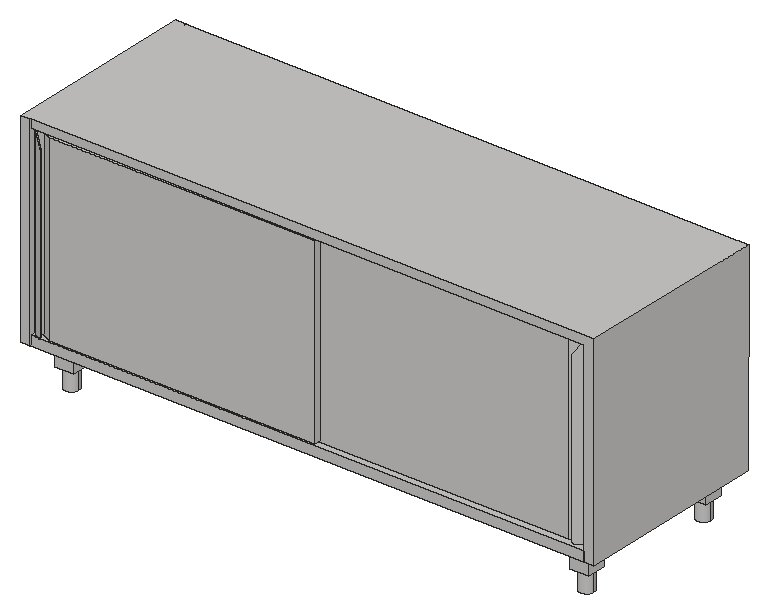
Revit family "QF_ELECTROLUXPROFESSIONAL_121929_TE2S20DA", category Attrezzature speciali, Revit 2020
Family settings
  Quota connettore circolare = Usa diametro
  Tipo di parte = Normale
  Basato su piano di lavoro = No
  Sempre verticale = Sì
  Taglio con vuoti quando caricato = No
  Condiviso = No
  Punto di calcolo locali = No
Parameters (values of type "Standard")
  Weight = 138.00 kg
  Watts = 0 W
  Volts = 0 V
  URL Manufacturer = "https://www.electroluxprofessional.com/"
  URL = "https://www.electroluxprofessional.com/"
  Steam Supply Size = 0 mm
  Steam Supply Minimum Pressure = 0.0 Pa
  Steam Supply Maximum Pressure = 0.0 Pa
  Steam Consumption per Hour = 0
  Refrigeration Suction Line Size = 0.0 mm
  Refrigeration Liquid Line Size = 0.0 mm
  Refrigerant Compressor Remote = yes
  Prospetto di default = 0.0 mm
  Phase = 0
  Modello = "TE2S20DA"
  Produttore = "Electrolux Professional"
  Length Actual = 2000.0 mm  # constant formula
  Item Number = "121929"
  Hot Water Size = 0 mm
  Height Actual = 860.0 mm  # constant formula
  HP = "0 HP"
  Gas Size = 0 mm
  Gas KW = 0
  Gas Input Pressure = 0 W
  Direct Waste Size = 0 mm
  Descrizione = "AMBIENT UNIT PASSTH.2+2 SLIDING D.2000MM"
  Depth Actual = 680.0 mm  # constant formula
  Cycle = 0 Hz
  Condensate Return Size = 0 mm
  Compressed Air Volume = 0.0 L/s
  Compressed Air Size = 0 mm
  Compressed Air Pressure = 0.0 Pa
  Cold Water Size = 0 mm
  Accessory = yes
Reference planes
  plane 1 "Center (Front/Back)": y = 0
  plane 2: z = 0
  plane 3 "Center (Left/Right)": x = -300
  plane 4 "LEFT": x = -1300
  plane 5 "RIGHT": x = 700
  plane 6 "BACK": y = 340
  plane 7 "FRONT": y = -340
  plane 8 "Base": z = 860
  plane 9 "TOP": z = 900
  plane 10: x = -1200
  plane 11: x = 600
  plane 12: y = 270
  plane 13: y = -240
  plane 14 "FEET": z = 150
  plane 15: x = -1266
  plane 16: y = -337
  plane 17: y = 337
  plane 18: x = 666
  plane 19: x = -326.5
  plane 20: x = -273.5
Forms (mm)
  Extrusion 1, solid, material "QF_Finishes_Stainless Steel"
    sketch origin (0, 0, 150) x (-1, 0, 0) y (0, -1, 0)
      loop
        line (1300, -340) -> (1300, 340) -> (1266, 340) -> (1266, -340) -> (1300, -340)
      loop
        line (-666, -340) -> (-666, 337) -> (-700, 337) -> (-700, -340) -> (-666, -340)
    from 0 to 710
  Extrusion 2, solid, material "QF_Finishes_Stainless Steel"
    sketch origin (0, 0, 150) x (-1, 0, 0) y (0, -1, 0)
      loop
        line (1266, -337) -> (1266, 337) -> (-666, 337) -> (-666, -337) -> (1266, -337)
    from 0 to 35
  Extrusion 3, solid, material "QF_Finishes_Stainless Steel"
    sketch origin (0, 0, 0) x (1, 0, 0) y (0, 1, 0)
      loop
        line (-1266, -337) -> (666, -337) -> (666, 337) -> (-1266, 337) -> (-1266, -337)
    from 830 to 860
  Extrusion 4, solid, material "QF_Finishes_Stainless Steel"
    sketch origin (0, -340, 0) x (-1, 0, 0) y (0, 0, 1)
      loop
        line (301, 185) -> (301, 187) -> (299, 187) -> (299, 185) -> (301, 185)
    from 45 to 43
  Extrusion 5, solid, material "QF_Finishes_Stainless Steel"
    sketch origin (0, 0, 150) x (-1, 0, 0) y (0, -1, 0)
      loop
        line (326.5, 317) -> (-598, 317) -> (-633, 302) -> (-663, 302) -> (-663, 297) -> (326.5, 297) -> (326.5, 317)
    from 675 to 40
  Extrusion 6, solid, material "QF_Finishes_Stainless Steel"
    sketch origin (0, 0, 150) x (-1, 0, 0) y (0, -1, 0)
      loop
        line (-621, 331) -> (-649, 316) -> (-663, 302) -> (-660.172, 302) -> (-647.795, 314.377) -> (-620.056, 329.237) -> (-621, 331)
    from 675 to 40
  Extrusion 7, solid, material "QF_Finishes_Stainless Steel"
    sketch origin (0, 0, 150) x (-1, 0, 0) y (0, -1, 0)
      loop
        line (273.5, 337) -> (273.5, 317) -> (1263, 317) -> (1263, 322) -> (1233, 322) -> (1198, 337) -> (273.5, 337)
    from 675 to 40
  Extrusion 8, solid, material "QF_Finishes_Stainless Steel"
    sketch origin (0, 0, 150) x (-1, 0, 0) y (0, -1, 0)
      loop
        line (1221, 351) -> (1220.056, 349.237) -> (1247.795, 334.377) -> (1260.172, 322) -> (1263, 322) -> (1249, 336) -> (1221, 351)
    from 675 to 40
  Extrusion 9, solid, material "QF_Finishes_Stainless Steel"
    sketch origin (0, 340, 0) x (-1, 0, 0) y (0, 0, -1)
      loop
        line (301, -185) -> (299, -185) -> (299, -187) -> (301, -187) -> (301, -185)
    from 45 to 43
  Extrusion 10, solid, material "QF_Finishes_Stainless Steel"
    sketch origin (0, 0, 150) x (-1, 0, 0) y (0, -1, 0)
      loop
        line (326.5, -317) -> (326.5, -297) -> (-663, -297) -> (-663, -302) -> (-633, -302) -> (-598, -317) -> (326.5, -317)
    from 675 to 40
  Extrusion 11, solid, material "QF_Finishes_Stainless Steel"
    sketch origin (0, 0, 150) x (-1, 0, 0) y (0, -1, 0)
      loop
        line (-621, -331) -> (-620.056, -329.237) -> (-647.795, -314.377) -> (-660.172, -302) -> (-663, -302) -> (-649, -316) -> (-621, -331)
    from 675 to 40
  Extrusion 12, solid, material "QF_Finishes_Stainless Steel"
    sketch origin (0, 0, 150) x (-1, 0, 0) y (0, -1, 0)
      loop
        line (273.5, -337) -> (1198, -337) -> (1233, -322) -> (1263, -322) -> (1263, -317) -> (273.5, -317) -> (273.5, -337)
    from 675 to 40
  Extrusion 13, solid, material "QF_Finishes_Stainless Steel"
    sketch origin (0, 0, 150) x (-1, 0, 0) y (0, -1, 0)
      loop
        line (1221, -351) -> (1249, -336) -> (1263, -322) -> (1260.172, -322) -> (1247.795, -334.377) -> (1220.056, -349.237) -> (1221, -351)
    from 675 to 40
  Extrusion 14, void
    sketch origin (-318.5, -342.5, 2435) x (-1, 0, 0) y (0, 0, 1)
      loop
        line (897, -1610) -> (897, -1661.75) -> (931.5, -1610) -> (897, -1610)
      loop
        line (901.556, -2245) -> (911.556, -2245)
        arc (911.556, -2245) -> (904.484, -2242.071) -> (901.556, -2235) r 10
        line (901.556, -2235) -> (901.556, -2245)
    from -13.118 to 9.689
  Extrusion 15, void
    sketch origin (-481.5, -342.5, 2430) x (1, 0, 0) y (0, 0, -1)
      loop
        line (1097, 1605) -> (1131.5, 1605) -> (1097, 1656.75) -> (1097, 1605)
      loop
        line (1101.556, 2240) -> (1101.556, 2230)
        arc (1101.556, 2230) -> (1104.484, 2237.071) -> (1111.556, 2240) r 10
        line (1111.556, 2240) -> (1101.556, 2240)
    from 5.5 to 29.918
  Extrusion 16, void
    sketch origin (-318.5, 342.5, 2435) x (-1, 0, 0) y (0, 0, -1)
      loop
        line (897, 1610) -> (931.5, 1610) -> (897, 1661.75) -> (897, 1610)
      loop
        line (901.556, 2245) -> (901.556, 2235)
        arc (901.556, 2235) -> (904.484, 2242.071) -> (911.556, 2245) r 10
        line (911.556, 2245) -> (901.556, 2245)
    from -13.118 to 9.689
  Extrusion 17, void
    sketch origin (-481.5, 342.5, 2430) x (1, 0, 0) y (0, 0, 1)
      loop
        line (1097, -1605) -> (1097, -1656.75) -> (1131.5, -1605) -> (1097, -1605)
      loop
        line (1101.556, -2240) -> (1111.556, -2240)
        arc (1111.556, -2240) -> (1104.484, -2237.071) -> (1101.556, -2230) r 10
        line (1101.556, -2230) -> (1101.556, -2240)
    from 5.5 to 29.918
Cuts and joins
  joined: Extrusion 1, Extrusion 3
  Extrusion 15 cuts Extrusion 6
  Extrusion 14 cuts Extrusion 8
  Extrusion 16 cuts Extrusion 13
  Extrusion 17 cuts Extrusion 11
Lines and regions (mm)
  symbolic lines, style "SpecialityEquipmentHiddenLines"
    curve 1: line (700, -340, 900) -> (700, 340, 900)
    curve 2: line (-1300, -344.5, 150) -> (-1300, 340, 150)
    curve 3: line (-1300, -340, 150) -> (-1266, -340, 150)
    curve 4: line (-1266, -340, 150) -> (-1266, -337, 150)
    curve 5: line (-1266, -337, 150) -> (666, -337, 150)
    curve 6: line (666, -337, 150) -> (666, -340, 150)
    curve 7: line (666, -340, 150) -> (700, -340, 150)
    curve 8: line (666, -340, 1600) -> (666, -337, 1600)
    curve 10: line (-1266, -337, 1600) -> (-1266, -340, 1600)
    curve 11: line (666, -297, 200) -> (-326.5, -297, 200)
    curve 12: line (-326.5, -297, 200) -> (-326.5, -317, 200)
    curve 13: line (599, -317, 200) -> (-1263, -317, 200)
    curve 17: line (-273.5, -317, 200) -> (-273.5, -337, 200)
    curve 18: line (598, -317, 1600) -> (633, -302, 1600)
    curve 19: line (633, -302, 1600) -> (663, -302, 1600)
    curve 20: line (663, -302, 1600) -> (663, -297, 1600)
    curve 21: line (620.958, -331.023, 1600) -> (648.999, -316.001, 1600)
    curve 22: line (648.999, -316.001, 1600) -> (663, -302, 1600)
    curve 23: line (660.172, -302, 1600) -> (647.795, -314.377, 1600)
    curve 24: line (647.795, -314.377, 1600) -> (619.992, -329.271, 1600)
    curve 25: line (619.992, -329.271, 1600) -> (620.958, -331.023, 1600)
    curve 26: line (-1263, -317, 1600) -> (-1263, -322, 1600)
    curve 27: line (-1263, -322, 1600) -> (-1249, -336, 1600)
    curve 28: line (-1249, -336, 1600) -> (-1247.133, -337, 1600)
    curve 29: line (-1242.884, -337, 1600) -> (-1247.955, -334.283, 1600)
    curve 30: line (-1247.955, -334.283, 1600) -> (-1260.239, -322, 1600)
    curve 31: line (-1198, -337, 1600) -> (-1233, -322, 1600)
    curve 32: line (-1233, -322, 1600) -> (-1263, -322, 1600)
    curve 33: line (-1300, 340, 150) -> (-1266, 340, 150)
    curve 34: line (-1266, 340, 150) -> (-1266, 337, 150)
    curve 35: line (-1266, 337, 150) -> (666, 337, 150)
    curve 36: line (666, 337, 150) -> (666, 340, 150)
    curve 37: line (666, 340, 150) -> (700, 340, 150)
    curve 38: line (666, 340, 1600) -> (666, 337, 1600)
    curve 39: line (-1266, 337, 1600) -> (-1266, 340, 1600)
    curve 40: line (666, 297, 200) -> (-326.5, 297, 200)
    curve 41: line (-326.5, 297, 200) -> (-326.5, 317, 200)
    curve 42: line (599, 317, 200) -> (-1263, 317, 200)
    curve 43: line (-273.5, 317, 200) -> (-273.5, 337, 200)
    curve 44: line (598, 317, 1600) -> (633, 302, 1600)
    curve 45: line (633, 302, 1600) -> (663, 302, 1600)
    curve 46: line (663, 302, 1600) -> (663, 297, 1600)
    curve 47: line (620.958, 331.023, 1600) -> (648.999, 316.001, 1600)
    curve 48: line (648.999, 316.001, 1600) -> (663, 302, 1600)
    curve 49: line (660.172, 302, 1600) -> (647.795, 314.377, 1600)
    curve 50: line (647.795, 314.377, 1600) -> (619.992, 329.271, 1600)
    curve 51: line (619.992, 329.271, 1600) -> (620.958, 331.023, 1600)
    curve 52: line (-1263, 317, 1600) -> (-1263, 322, 1600)
    curve 53: line (-1263, 322, 1600) -> (-1249, 336, 1600)
    curve 54: line (-1249, 336, 1600) -> (-1247.133, 337, 1600)
    curve 55: line (-1242.884, 337, 1600) -> (-1247.955, 334.283, 1600)
    curve 56: line (-1247.955, 334.283, 1600) -> (-1260.239, 322, 1600)
    curve 57: line (-1198, 337, 1600) -> (-1233, 322, 1600)
    curve 58: line (-1233, 322, 1600) -> (-1263, 322, 1600)
  symbolic lines, style "SpecialityEquipment"
    curve 9: line (666, -337, 1600) -> (-1266, -337, 1600)
    curve 14: line (-1247.133, -337, 1600) -> (-1220.985, -351.008, 1600)
    curve 15: line (-1220.985, -351.008, 1600) -> (-1220.038, -349.239, 1600)
    curve 16: line (-1242.884, -337, 1600) -> (-1220.038, -349.239, 1600)
Dimensions and locks
  plane 4 "LEFT" to plane 5 "RIGHT" = 2000.0 mm
  equal spacing: plane 4 "LEFT", plane 3 "Center (Left/Right)", plane 5 "RIGHT"
  plane 6 "BACK" to plane 7 "FRONT" = 680.0 mm
  equal spacing: plane 6 "BACK", plane 1 "Center (Front/Back)", plane 7 "FRONT"
  locked: plane 14 "FEET" to level at 150
  locked: plane 4 "LEFT" to plane 10 at 100
  locked: plane 11 to plane 5 "RIGHT" at 100
  locked: plane 4 "LEFT" to plane 15 at 34
  plane 16 to plane 7 "FRONT" = 3.0 mm
  locked: plane 6 "BACK" to plane 12 at 70
  locked: plane 13 to plane 7 "FRONT" at 100
  locked: plane 8 "Base" to level at 860
  locked: plane 9 "TOP" to level at 900
  locked: plane 18 to plane 5 "RIGHT" at 34
  locked: plane 19 to plane 20 at 53
  equal spacing: plane 19, plane 3 "Center (Left/Right)", plane 20
  plane 6 "BACK" to plane 17 = 3.0 mm
  aligned and locked: level to plane 2
  aligned and locked: plane 10 to nested 1
  aligned and locked: plane 11 to nested 2
  aligned and locked: nested 4 to plane 12
  aligned and locked: plane 10 to nested 3
  aligned and locked: nested 3 to plane 12
  aligned and locked: plane 8 "Base" to Extrusion 1
  aligned and locked: plane 6 "BACK" to Extrusion 1 sketch curve
  aligned and locked: Extrusion 1 sketch curve to plane 6 "BACK"
  aligned and locked: Extrusion 1 sketch curve to plane 7 "FRONT"
  aligned and locked: plane 15 to Extrusion 1
  aligned and locked: Extrusion 2 to plane 15
  aligned and locked: plane 8 "Base" to Extrusion 3
  aligned and locked: Extrusion 2 to plane 16
  aligned and locked: Extrusion 2 to plane 17
  aligned and locked: Extrusion 3 to plane 16
  aligned and locked: nested 1 to plane 13
  aligned and locked: nested 2 to plane 13
  aligned and locked: plane 18 to Extrusion 3
  aligned and locked: Extrusion 2 sketch curve to plane 18
  aligned and locked: cut or joined group of Extrusion 1, Extrusion 3 to plane 18
  aligned and locked: Extrusion 5 to plane 19
  aligned and locked: curve 12 to plane 19
  aligned and locked: plane 20 to Extrusion 7
  aligned and locked: curve 17 to plane 20
  aligned and locked: curve 6 to curve 8
  aligned and locked: plane 18 to curve 8
  aligned and locked: cut or joined group of Extrusion 1, Extrusion 3 to plane 17
  aligned and locked: curve 36 to curve 38
  aligned and locked: plane 11 to nested 4
Automatic sketch dimensions
  curve 1 to plane 5 "RIGHT" = 0.0 mm
  curve 1 to plane 7 "FRONT" = 0.0 mm
  curve 1 to plane 6 "BACK" = 0.0 mm
  Extrusion 1 sketch curve to plane 5 "RIGHT" = 0.0 mm
  Extrusion 1 sketch curve to plane 16 = 0.0 mm
  Extrusion 1 sketch curve to plane 18 = 0.0 mm
  Extrusion 1 sketch curve to plane 15 = 0.0 mm
  Extrusion 1 sketch curve to plane 4 "LEFT" = 0.0 mm
  Extrusion 2 sketch curve to plane 15 = 0.0 mm
  plane 17 to Extrusion 2 sketch curve = 0.0 mm
  Extrusion 2 sketch curve to plane 16 = 0.0 mm
  curve 7 to plane 5 "RIGHT" = 0.0 mm
  curve 37 to plane 5 "RIGHT" = 0.0 mm
  curve 5 to plane 15 = 0.0 mm
  curve 33 to plane 6 "BACK" = 0.0 mm
  curve 33 to plane 15 = 0.0 mm
  curve 2 to plane 4 "LEFT" = 0.0 mm
  curve 37 to plane 6 "BACK" = 0.0 mm
  plane 17 to curve 34 = 0.0 mm
  curve 4 to plane 16 = 0.0 mm
  curve 7 to plane 7 "FRONT" = 0.0 mm
  curve 4 to plane 7 "FRONT" = 0.0 mm
  curve 3 to curve 2 = 4.5 mm
  Extrusion 3 sketch curve to plane 15 = 0.0 mm
  plane 17 to Extrusion 3 sketch curve = 0.0 mm
  Extrusion 3 sketch curve to plane 18 = 0.0 mm
  Extrusion 3 sketch curve to plane 16 = 0.0 mm
  plane 3 "Center (Left/Right)" to Extrusion 4 sketch curve = 1.0 mm
  Extrusion 4 sketch curve to plane 3 "Center (Left/Right)" = 1.0 mm
  plane 14 "FEET" to Extrusion 4 sketch curve = 35.0 mm
  Extrusion 4 sketch curve to Extrusion 4 sketch curve = 2.0 mm
  Extrusion 5 sketch curve to plane 19 = 0.0 mm
  Extrusion 5 sketch curve to plane 11 = 2.0 mm
  plane 11 to Extrusion 5 sketch curve = 33.0 mm
  Extrusion 5 sketch curve to plane 18 = 3.0 mm
  plane 16 to Extrusion 5 sketch curve = 40.0 mm
  Extrusion 5 sketch curve to Extrusion 5 sketch curve = 5.0 mm
  Extrusion 5 sketch curve to Extrusion 5 sketch curve = 20.0 mm
  Extrusion 6 sketch curve to plane 18 = 3.0 mm
  Extrusion 6 sketch curve to Extrusion 6 sketch curve = 2.828 mm
  Extrusion 6 sketch curve to plane 18 = 17.0 mm
  Extrusion 6 sketch curve to Extrusion 6 sketch curve = 1.205 mm
  plane 16 to Extrusion 6 sketch curve = 6.0 mm
  plane 11 to Extrusion 6 sketch curve = 21.0 mm
  plane 16 to Extrusion 6 sketch curve = 7.763 mm
  Extrusion 6 sketch curve to Extrusion 6 sketch curve = 0.944 mm
  Extrusion 6 sketch curve to Extrusion 6 sketch curve = 12.377 mm
  Extrusion 7 sketch curve to plane 16 = 0.0 mm
  Extrusion 7 sketch curve to plane 20 = 0.0 mm
  plane 10 to Extrusion 7 sketch curve = 2.0 mm
  plane 16 to Extrusion 7 sketch curve = 15.0 mm
  Extrusion 7 sketch curve to plane 10 = 33.0 mm
  plane 15 to Extrusion 7 sketch curve = 3.0 mm
  Extrusion 7 sketch curve to Extrusion 7 sketch curve = 20.0 mm
  Extrusion 8 sketch curve to plane 10 = 20.056 mm
  Extrusion 8 sketch curve to plane 7 "FRONT" = 11.0 mm
  Extrusion 8 sketch curve to Extrusion 8 sketch curve = 0.944 mm
  plane 16 to Extrusion 8 sketch curve = 2.623 mm
  plane 15 to Extrusion 8 sketch curve = 18.205 mm
  plane 16 to Extrusion 8 sketch curve = 1.0 mm
  plane 15 to Extrusion 8 sketch curve = 5.828 mm
  Extrusion 8 sketch curve to Extrusion 8 sketch curve = 2.828 mm
  plane 16 to Extrusion 8 sketch curve = 15.0 mm
  plane 17 to curve 38 = 0.0 mm
  curve 38 to plane 18 = 0.0 mm
  plane 17 to curve 57 = 0.0 mm
  curve 31 to plane 16 = 0.0 mm
  plane 17 to curve 55 = 0.0 mm
  plane 17 to curve 54 = 0.0 mm
  curve 9 to plane 15 = 0.0 mm
  curve 39 to plane 15 = 0.0 mm
  curve 39 to plane 6 "BACK" = 0.0 mm
  curve 38 to plane 6 "BACK" = 0.0 mm
  plane 17 to curve 39 = 0.0 mm
  curve 8 to plane 7 "FRONT" = 0.0 mm
  curve 10 to plane 7 "FRONT" = 0.0 mm
  curve 22 to plane 18 = 3.0 mm
  curve 45 to plane 18 = 3.0 mm
  curve 47 to plane 18 = 17.001 mm
  curve 21 to plane 18 = 17.001 mm
  curve 21 to curve 24 = 1.204 mm
  curve 47 to curve 50 = 1.204 mm
  curve 23 to curve 19 = 14.795 mm
  curve 49 to curve 45 = 14.795 mm
  plane 16 to curve 25 = 5.977 mm
  plane 11 to curve 25 = 20.958 mm
  plane 17 to curve 47 = 5.977 mm
  plane 11 to curve 47 = 20.958 mm
  plane 17 to curve 50 = 7.729 mm
  curve 47 to curve 50 = 0.966 mm
  plane 16 to curve 24 = 7.729 mm
  curve 21 to curve 24 = 0.966 mm
  curve 16 to plane 7 "FRONT" = 9.239 mm
  curve 16 to plane 10 = 20.038 mm
  curve 14 to plane 7 "FRONT" = 11.008 mm
  curve 15 to curve 14 = 0.948 mm
  plane 16 to curve 31 = 15.0 mm
  curve 31 to curve 16 = 9.884 mm
  plane 17 to curve 57 = 15.0 mm
  curve 57 to plane 10 = 33.0 mm
  plane 17 to curve 56 = 2.717 mm
  plane 15 to curve 56 = 18.045 mm
  plane 16 to curve 29 = 2.717 mm
  curve 14 to curve 29 = 0.822 mm
  plane 16 to curve 27 = 1.0 mm
  curve 29 to curve 27 = 1.045 mm
  plane 17 to curve 54 = 1.0 mm
  curve 55 to curve 54 = 1.045 mm
  plane 15 to curve 53 = 3.0 mm
  plane 15 to curve 26 = 3.0 mm
  plane 17 to curve 47 = 20.999 mm
  curve 47 to curve 49 = 1.624 mm
  curve 49 to curve 48 = 12.377 mm
  curve 19 to curve 24 = 27.271 mm
  curve 23 to curve 23 = 12.377 mm
  curve 23 to curve 22 = 1.624 mm
  curve 45 to curve 49 = 2.828 mm
  curve 19 to curve 23 = 2.828 mm
  curve 18 to plane 11 = 2.0 mm
  curve 44 to plane 11 = 2.0 mm
  plane 10 to curve 57 = 2.0 mm
  plane 10 to curve 31 = 2.0 mm
  curve 55 to curve 55 = 5.071 mm
  curve 29 to curve 16 = 0.0 mm
  curve 54 to curve 53 = 1.867 mm
  curve 28 to curve 14 = 0.0 mm
  curve 56 to curve 52 = 2.761 mm
  curve 30 to curve 26 = 2.761 mm
  plane 17 to curve 44 = 20.0 mm
  curve 52 to curve 52 = 5.0 mm
  curve 45 to curve 46 = 5.0 mm
  curve 20 to curve 19 = 5.0 mm
  plane 16 to curve 18 = 20.0 mm
  curve 26 to curve 26 = 5.0 mm
  curve 11 to plane 18 = 0.0 mm
  curve 40 to plane 18 = 0.0 mm
  curve 43 to plane 20 = 0.0 mm
  curve 40 to plane 19 = 0.0 mm
  plane 17 to curve 43 = 0.0 mm
  curve 17 to plane 16 = 0.0 mm
  plane 12 to curve 41 = 27.0 mm
  plane 16 to curve 11 = 40.0 mm
  curve 13 to plane 11 = 1.0 mm
  curve 42 to plane 11 = 1.0 mm
  plane 15 to curve 13 = 3.0 mm
  plane 15 to curve 42 = 3.0 mm
  plane 17 to curve 42 = 20.0 mm
  curve 11 to curve 12 = 20.0 mm
  plane 3 "Center (Left/Right)" to Extrusion 9 sketch curve = 1.0 mm
  Extrusion 9 sketch curve to plane 3 "Center (Left/Right)" = 1.0 mm
  plane 14 "FEET" to Extrusion 9 sketch curve = 37.0 mm
  Extrusion 9 sketch curve to Extrusion 9 sketch curve = 2.0 mm
  Extrusion 10 sketch curve to plane 19 = 0.0 mm
  plane 11 to Extrusion 10 sketch curve = 2.0 mm
  Extrusion 10 sketch curve to plane 11 = 33.0 mm
  plane 18 to Extrusion 10 sketch curve = 3.0 mm
  Extrusion 10 sketch curve to plane 12 = 27.0 mm
  Extrusion 10 sketch curve to Extrusion 10 sketch curve = 5.0 mm
  Extrusion 10 sketch curve to Extrusion 10 sketch curve = 20.0 mm
  plane 18 to Extrusion 11 sketch curve = 3.0 mm
  Extrusion 11 sketch curve to Extrusion 11 sketch curve = 2.828 mm
  plane 18 to Extrusion 11 sketch curve = 17.0 mm
  Extrusion 11 sketch curve to Extrusion 11 sketch curve = 1.205 mm
  Extrusion 11 sketch curve to plane 17 = 6.0 mm
  Extrusion 11 sketch curve to plane 11 = 21.0 mm
  Extrusion 11 sketch curve to plane 17 = 7.763 mm
  Extrusion 11 sketch curve to Extrusion 11 sketch curve = 0.944 mm
  Extrusion 11 sketch curve to Extrusion 11 sketch curve = 12.377 mm
  plane 17 to Extrusion 12 sketch curve = 0.0 mm
  Extrusion 12 sketch curve to plane 20 = 0.0 mm
  Extrusion 12 sketch curve to plane 10 = 2.0 mm
  Extrusion 12 sketch curve to plane 17 = 15.0 mm
  plane 10 to Extrusion 12 sketch curve = 33.0 mm
  Extrusion 12 sketch curve to plane 15 = 3.0 mm
  Extrusion 12 sketch curve to Extrusion 12 sketch curve = 20.0 mm
  plane 10 to Extrusion 13 sketch curve = 20.056 mm
  Extrusion 13 sketch curve to plane 6 "BACK" = 11.0 mm
  Extrusion 13 sketch curve to Extrusion 13 sketch curve = 0.944 mm
  Extrusion 13 sketch curve to plane 17 = 2.623 mm
  Extrusion 13 sketch curve to plane 15 = 18.205 mm
  Extrusion 13 sketch curve to plane 17 = 1.0 mm
  Extrusion 13 sketch curve to plane 15 = 5.828 mm
  Extrusion 13 sketch curve to Extrusion 13 sketch curve = 2.828 mm
  Extrusion 13 sketch curve to plane 17 = 15.0 mm
  Extrusion 14 sketch curve to plane 10 = 15.5 mm
  Extrusion 14 sketch curve to plane 10 = 20.056 mm
  Extrusion 14 sketch curve to Extrusion 14 sketch curve = 10.0 mm
  plane 15 to Extrusion 14 sketch curve = 16.0 mm
  plane 14 "FEET" to Extrusion 14 sketch curve = 40.0 mm
  Extrusion 14 sketch curve to plane 8 "Base" = 86.75 mm
  Extrusion 14 sketch curve to plane 8 "Base" = 35.0 mm
  plane 11 to Extrusion 15 sketch curve = 15.5 mm
  plane 11 to Extrusion 15 sketch curve = 20.056 mm
  Extrusion 15 sketch curve to Extrusion 15 sketch curve = 10.0 mm
  Extrusion 15 sketch curve to plane 18 = 16.0 mm
  Extrusion 15 sketch curve to plane 8 "Base" = 35.0 mm
  Extrusion 15 sketch curve to Extrusion 15 sketch curve = 51.75 mm
  plane 14 "FEET" to Extrusion 15 sketch curve = 50.0 mm
  Extrusion 16 sketch curve to plane 10 = 15.5 mm
  Extrusion 16 sketch curve to plane 10 = 20.056 mm
  Extrusion 16 sketch curve to Extrusion 16 sketch curve = 10.0 mm
  plane 15 to Extrusion 16 sketch curve = 16.0 mm
  Extrusion 16 sketch curve to plane 8 "Base" = 35.0 mm
  Extrusion 16 sketch curve to Extrusion 16 sketch curve = 51.75 mm
  plane 14 "FEET" to Extrusion 16 sketch curve = 50.0 mm
  plane 11 to Extrusion 17 sketch curve = 15.5 mm
  plane 11 to Extrusion 17 sketch curve = 20.056 mm
  Extrusion 17 sketch curve to Extrusion 17 sketch curve = 10.0 mm
  Extrusion 17 sketch curve to plane 18 = 16.0 mm
  plane 14 "FEET" to Extrusion 17 sketch curve = 40.0 mm
  Extrusion 17 sketch curve to plane 8 "Base" = 86.75 mm
  Extrusion 17 sketch curve to plane 8 "Base" = 35.0 mm
Nested families
  nested 1: "FEET_L65-150" at (-1200, -240, 0), type "FEET_L65-150"
  nested 2: "FEET_L65-150" at (600, -240, 0), type "FEET_L65-150"
  nested 3: "FEET_L65-150" at (-1200, 270, 0), type "FEET_L65-150"
  nested 4: "FEET_L65-150" at (600, 270, 0), type "FEET_L65-150"
Definition of nested family "FEET_L65-150"
  Parameters
    Default Elevation = 0.0 mm
    FEET = 150.0 mm
  Reference planes
    plane 1 "Center (Front/Back)": y = 0
    plane 2: z = 0
    plane 3 "Center (Left/Right)": x = 0
    plane 4: z = 150
  Forms (mm)
    Extrusion 1, solid
      sketch origin (0, 0, 0) x (1, 0, 0) y (0, 1, 0)
        loop
          circle (0, 0) r 25
      from 0 to 67
    Extrusion 2, solid
      sketch origin (0, 0, 0) x (1, 0, 0) y (0, 1, 0)
        loop
          line (32.561, 32.5) -> (-32.439, 32.5) -> (-32.439, -32.5) -> (32.561, -32.5) -> (32.561, 32.5)
      from 67 to 150 <- "FEET"
  Lines and regions (mm)
    symbolic lines
      curve 1: line (0, -1.503, 0) -> (0, 1.508, 0)
      curve 2: line (1.561, 0, 0) -> (-1.439, 0, 0)
  Dimensions and locks
    "FEET": plane 4 to plane 2
    aligned and locked: level to plane 2
  Automatic sketch dimensions
    plane 1 "Center (Front/Back)" to Extrusion 1 sketch curve = 0.0 mm
    Extrusion 1 sketch curve to plane 3 "Center (Left/Right)" = 0.0 mm
    plane 1 "Center (Front/Back)" to curve 2 = 0.0 mm
    curve 1 to plane 3 "Center (Left/Right)" = 0.0 mm
    curve 2 to plane 3 "Center (Left/Right)" = 1.439 mm
    plane 3 "Center (Left/Right)" to curve 2 = 1.561 mm
    plane 1 "Center (Front/Back)" to curve 1 = 1.503 mm
    curve 1 to plane 1 "Center (Front/Back)" = 1.508 mm
    Extrusion 2 sketch curve to plane 1 "Center (Front/Back)" = 32.5 mm
    Extrusion 2 sketch curve to plane 3 "Center (Left/Right)" = 32.439 mm
    plane 3 "Center (Left/Right)" to Extrusion 2 sketch curve = 32.561 mm
    plane 1 "Center (Front/Back)" to Extrusion 2 sketch curve = 32.5 mm
    radius of Extrusion 1 sketch curve = 25.0 mm
